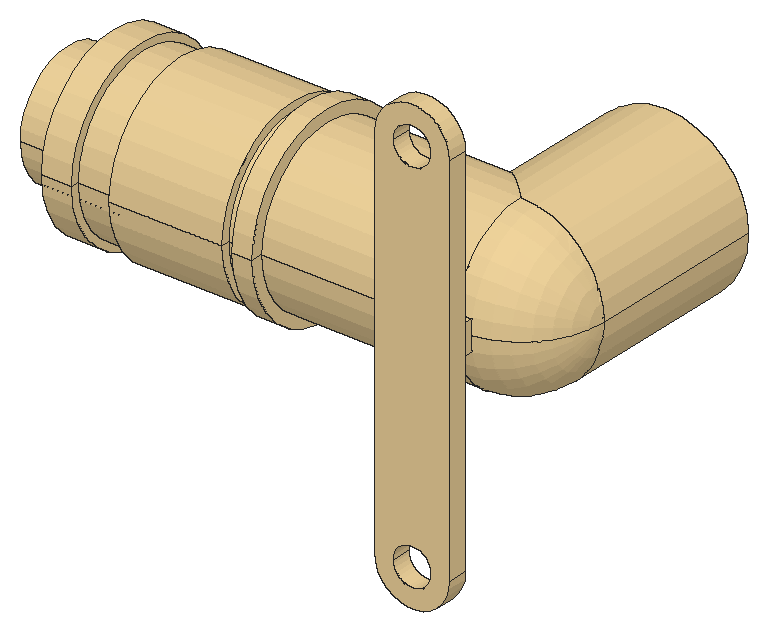
Revit family "ABC-PEX_Фитинг_Водорозетка с удлененной внутренней резьбой", category Соединительные детали трубопроводов, Revit 2019
Family settings
  Размер круглого соединителя = Использовать диаметр
  Тип детали = Отвод
  На основе рабочей плоскости = Нет
  Всегда вертикально = Нет
  При загрузке вырезать с полостями = Нет
  Общий = Да
Parameters
  Таблица выбора = "ABC-PEX_Фитинг_Водорозетка с удлененной внутренней резьбой"  # constant formula
  Материал_Корпус = Латунь
  z1 [instance] = size_lookup(Таблица выбора, "z", 30 mm, DN1, DN2)  # 30 mm
  c [instance] = size_lookup(Таблица выбора, "c", 30 mm, DN1, DN2)  # 60 mm
  b [instance] = size_lookup(Таблица выбора, "b", 30 mm, DN1, DN2)  # 24 mm
  a [instance] = size_lookup(Таблица выбора, "a", 30 mm, DN1, DN2)  # 42 mm
  S [instance] = 40 mm
  DN2 [instance] = 15 mm
  DN1 [instance] = 16 mm
  ADSK_Примечание = ""
  ADSK_Наименование [instance] = size_lookup(Таблица выбора, "ADSK_Наименование", "Нет в каталоге", DN1, DN2)  # "Водорозетка с удлененной внутренней резьбой DN16x1/2\""
  ADSK_Масса [instance] = size_lookup(Таблица выбора, "ADSK_Масса", 0, DN1, DN2)  # 0.078
  ADSK_Марка [instance] = size_lookup(Таблица выбора, "ADSK_Марка", "Нет в каталоге", DN1, DN2)  # "ABC-F-81612"
  ADSK_Завод-изготовитель = "Agpipe"  # constant formula
Reference planes
  plane 1 "По центру (Вперед/Назад)": y = 0
  plane 2: z = 0
  plane 3 "По центру (Влево/Вправо)": x = 0
  plane 4: x = -42
  plane 5: y = 24
  plane 6: x = -30
  plane 7: y = 12
Lines and regions (mm)
  reference lines
    curve 1: line (-30, 0, 0) -> (0, 0, 0)
    curve 2: line (0, 0, 0) -> (0, 24, 0)
  symbolic lines
    curve 3: line (-42, 0, 0) -> (0, 0, 0)
    curve 4: line (0, 0, 0) -> (0, 24, 0)
Dimensions and locks
  "a": plane 4 to plane 3 "По центру (Влево/Вправо)"
  "b": plane 1 "По центру (Вперед/Назад)" to plane 5
  plane 4 to plane 3 "По центру (Влево/Вправо)" = 42 mm
  "z1": plane 6 to plane 3 "По центру (Влево/Вправо)"
  equal spacing: plane 1 "По центру (Вперед/Назад)", plane 7, plane 5
  aligned and locked: level to plane 2
  aligned and locked: plane 6 to curve 1
  aligned and locked: plane 6 to nested 1
  aligned and locked: plane 5 to curve 2
  aligned and locked: nested 2 to plane 1 "По центру (Вперед/Назад)"
  aligned and locked: nested 2 to plane 3 "По центру (Влево/Вправо)"
  aligned and locked: plane 4 to curve 3
  aligned and locked: plane 5 to curve 4
Automatic sketch dimensions
  plane 1 "По центру (Вперед/Назад)" to curve 2 = 0 mm
  curve 2 to plane 3 "По центру (Влево/Вправо)" = 0 mm
  plane 1 "По центру (Вперед/Назад)" to curve 3 = 0 mm
  curve 4 to plane 3 "По центру (Влево/Вправо)" = 0 mm
Nested families
  nested 1: "ABC-PEX_Фитинг_Надвижная гильза" at (-42, 0, 0) x (-1, 0, 0) z (0, 0, 1), DN <- "DN1", type "ABC-PEX_Фитинг_Надвижная гильза", detail levels fine
    with b 24 mm, a 24 mm, DN 16 mm, ADSK_Наименование "Надвижная гильза DN16", ADSK_Масса 0.008, ADSK_Марка "ABC-F-116"
  nested 2: "Колено" at (0, 0, 0) x (0, -1, 0) z (0, 0, 1), type "Колено", detail levels fine
    with с 60 mm, z1 30 mm, b 24 mm, a 42 mm, S 22 mm, DN2 15 mm, DN1 16 mm, ADSK_Наименование "Водорозетка с удлененной внутренней резьбой DN16x1/2\"", ADSK_Масса 0, ADSK_Марка "ABC-F-81612"
Connectors
  piping at (-30, 0, 0), diameter 16, driven by "DN1"
    settings: on curve 1, index 1, connector inside diameter 609.6 mm, connector length 0 mm, flow factor 0, pipe flow 0.0 L/s, pressure drop 0.0 Pa, fitting loss kfactor 0, connector angle 0.00°, fixture units 0, engagement length 0 mm, angle of deflection 0.00°, flow configuration 0, flow direction 0, fitting loss method 0, system type 28, joint type 0, gender type 0, connector reference index 2, connector utility 0, adjustable connector no, is connector primary yes, connector description ""
  piping at (0, 24, 0), diameter 15, driven by "DN2"
    settings: on curve 2, index 2, connector inside diameter 609.6 mm, connector length 0 mm, flow factor 0, pipe flow 0.0 L/s, pressure drop 0.0 Pa, fitting loss kfactor 0, connector angle 0.00°, fixture units 0, engagement length 0 mm, angle of deflection 0.00°, flow configuration 0, flow direction 0, fitting loss method 0, system type 28, joint type 0, gender type 0, connector reference index 1, connector utility 0, adjustable connector no, is connector primary no, connector description ""
Definition of nested family "ABC-PEX_Фитинг_Надвижная гильза"
  Parameters (values of type "ABC-PEX_Фитинг_Надвижная гильза")
    Таблица выбора = "ABC-PEX_Фитинг_Надвижная гильза"  # constant formula
    Маткриал_Корпус = none
    b [instance] = size_lookup(Таблица выбора, "b", 30 mm, DN)  # 24 mm
    a [instance] = size_lookup(Таблица выбора, "a", 30 mm, DN)  # 24 mm
    DN [instance] = 16 mm
    ADSK_Примечание = ""
    ADSK_Наименование [instance] = size_lookup(Таблица выбора, "ADSK_Наименование", "Нет в каталоге", DN)  # "Надвижная гильза DN16"
    ADSK_Масса [instance] = size_lookup(Таблица выбора, "ADSK_Масса", 0, DN)  # 0.008
    ADSK_Марка [instance] = size_lookup(Таблица выбора, "ADSK_Марка", "Нет в каталоге", DN)  # "ABC-F-116"
    ADSK_Завод-изготовитель = "Agpipe"  # constant formula
  Reference planes
    plane 1 "По центру (Вперед/Назад)": y = 0
    plane 2: z = 0
    plane 3 "По центру (Влево/Вправо)": x = 0
    plane 4: y = 12
    plane 5: y = -12
    plane 6: x = -12
    plane 7: x = 12
    plane 8: y = 8
    plane 9: y = -8
  Forms (mm)
    Revolve 1, solid, material <- "Маткриал_Корпус"
      sketch origin (0, 0, 0) x (1, 0, 0) y (0, 1, 0)
        loop
          line (-12, 12) -> (-12, 10) -> (12, 10) -> (12, 12) -> (8, 12) -> (8, 11) -> (3, 11) -> (3, 12) -> (-12, 12)
        axis (-12, 0) -> (12, 0)
      angle from 0 to 360
  Lines and regions (mm)
    reference lines
      curve 1: line (-12, 0, 0) -> (12, 0, 0)
  Dimensions and locks
    equal spacing: plane 4, plane 1 "По центру (Вперед/Назад)", plane 5
    "b": plane 4 to plane 5
    equal spacing: plane 6, plane 3 "По центру (Влево/Вправо)", plane 7
    "a": plane 6 to plane 7
    plane 4 to Revolve 1 sketch curve = 2 mm
    equal spacing: plane 9, plane 1 "По центру (Вперед/Назад)", plane 8
    "DN": plane 9 to plane 8
    Revolve 1 sketch curve to Revolve 1 sketch curve to plane 7 = 5 mm locked, 4 mm locked
    Revolve 1 sketch curve to Revolve 1 sketch curve to plane 4 = 1 mm locked, 1 mm locked
    aligned and locked: level to plane 2
    aligned and locked: plane 1 "По центру (Вперед/Назад)" to Revolve 1 sketch curve
    aligned and locked: plane 4 to Revolve 1 sketch curve
    aligned and locked: Revolve 1 sketch curve to plane 4
    aligned and locked: plane 6 to Revolve 1 sketch curve
    aligned and locked: plane 7 to Revolve 1 sketch curve
    aligned and locked: plane 7 to curve 1
    aligned and locked: plane 6 to curve 1
  Automatic sketch dimensions
    plane 1 "По центру (Вперед/Назад)" to curve 1 = 0 mm
    plane 6 to Revolve 1 sketch curve = 5 mm
    Revolve 1 sketch curve to plane 7 = 4 mm
  Connectors
    piping at (-12, 0, 0), diameter 16, driven by "DN"
      settings: on curve 1, index 1, connector inside diameter 609.6 mm, connector length 0 mm, flow factor 0, pipe flow 0.0 L/s, pressure drop 0.0 Pa, fitting loss kfactor 0, connector angle 0.00°, fixture units 0, engagement length 0 mm, angle of deflection 0.00°, flow configuration 0, flow direction 0, fitting loss method 0, system type 28, joint type 0, gender type 0, connector reference index 2, connector utility 0, adjustable connector no, is connector primary yes, connector description ""
    piping at (12, 0, 0), diameter 16, driven by "DN"
      settings: on curve 1, index 2, connector inside diameter 609.6 mm, connector length 0 mm, flow factor 0, pipe flow 0.0 L/s, pressure drop 0.0 Pa, fitting loss kfactor 0, connector angle 0.00°, fixture units 0, engagement length 0 mm, angle of deflection 0.00°, flow configuration 0, flow direction 0, fitting loss method 0, system type 28, joint type 0, gender type 0, connector reference index 1, connector utility 0, adjustable connector no, is connector primary no, connector description ""
Definition of nested family "Колено"
  Parameters (values of type "Колено")
    с [instance] = size_lookup(Таблица выбора, "c", 30 mm, DN1, DN2)  # 60 mm
    Таблица выбора = "ABC-PEX_Фитинг_Водорозетка с удлененной внутренней резьбой"  # constant formula
    Материал_Корпус = none
    z1 [instance] = size_lookup(Таблица выбора, "z", 30 mm, DN1, DN2)  # 30 mm
    b [instance] = size_lookup(Таблица выбора, "b", 30 mm, DN1, DN2)  # 24 mm
    a [instance] = size_lookup(Таблица выбора, "a", 30 mm, DN1, DN2)  # 42 mm
    S [instance] = DN2 + 7 mm  # 22 mm
    DN2 [instance] = 15 mm
    DN1 [instance] = 16 mm
    ADSK_Примечание = ""
    ADSK_Наименование [instance] = size_lookup(Таблица выбора, "ADSK_Наименование", "Нет в каталоге", DN1, DN2)  # "Водорозетка с удлененной внутренней резьбой DN16x1/2\""
    ADSK_Масса [instance] = 0
    ADSK_Марка [instance] = size_lookup(Таблица выбора, "ADSK_Марка", "Нет в каталоге", DN1, DN2)  # "ABC-F-81612"
    ADSK_Завод-изготовитель = "Agpipe"  # constant formula
  Reference planes
    plane 1 "По центру (Вперед/Назад)": y = 0
    plane 2: z = 0
    plane 3 "По центру (Влево/Вправо)": x = 0
    plane 4: x = -24
    plane 5: y = 30
    plane 6: y = 60
    plane 7: x = -8
    plane 8: x = 8
    plane 9: y = 7.5
    plane 10: y = -7.5
    plane 11: y = 8
    plane 12: y = -8
    plane 13: x = -8
    plane 14: x = 8
    plane 15: x = -11
    plane 16: y = 7.5
    plane 17: y = -7.5
    plane 18: x = 18
  Forms (mm)
    Revolve 1, solid, material <- "Материал_Корпус"
      sketch origin (0, 0, 0) x (1, 0, 0) y (0, 1, 0)
        loop
          line (3, 60) -> (3, 30) -> (0, 30) -> (0, -11)
          arc (0, -11) -> (7.778, -7.778) -> (11, 0) r 11
          line (11, 0) -> (11, 25.644) -> (12.531, 25.644) -> (12.531, 28.302) -> (11, 28.302) -> (11, 30) -> (8, 30) -> (8, 60) -> (3, 60)
        axis (0, 60) -> (0, -11)
      angle from 0 to 360
    Revolve 2, solid, material <- "Материал_Корпус"
      sketch origin (0, 0, 0) x (1, 0, 0) y (0, 1, 0)
        loop
          line (-24, 11) -> (-24, 0) -> (0, 0) -> (0, 11) -> (-24, 11)
        axis (-24, 0) -> (0, 0)
      angle from 0 to 360
    Revolve 3, void
      sketch origin (0, 0, 0) x (1, 0, 0) y (0, 1, 0)
        loop
          line (-24, 6.461) -> (-24, 0) -> (-11, 0) -> (-11, 6.461) -> (-24, 6.461)
        axis (-24, 0) -> (-11, 0)
      angle from 0 to 360
    Extrusion 4, solid, material <- "Материал_Корпус"
      sketch origin (0, 0, 0) x (0, 1, 0) y (0, 0, 1)
        loop
          line (-5, 25) -> (-5, -25)
          arc (-5, -25) -> (0, -30) -> (5, -25) r 5
          line (5, -25) -> (5, 25)
          arc (5, 25) -> (0, 30) -> (-5, 25) r 5
        loop
          circle (0, -25) r 2.5
        loop
          circle (0, 25) r 2.5
      from 15.464 to 18
    Extrusion 5, solid, material <- "Материал_Корпус"
      sketch origin (0, 0, 0) x (1, 0, 0) y (0, 0, 1)
        loop
          line (8, 2) -> (8, -2) -> (15.464, -2) -> (15.464, 2) -> (8, 2)
      from -2 to 2
  Cuts and joins
    Revolve 3 cuts Revolve 2
    joined: Revolve 1, Revolve 2, Extrusion 5
  Dimensions and locks
    "b": plane 4 to plane 3 "По центру (Влево/Вправо)"
    "z1": plane 1 "По центру (Вперед/Назад)" to plane 5
    "с": plane 1 "По центру (Вперед/Назад)" to plane 6
    equal spacing: plane 7, plane 3 "По центру (Влево/Вправо)", plane 8
    "DN1": plane 7 to plane 8
    equal spacing: plane 9, plane 1 "По центру (Вперед/Назад)", plane 10
    "DN2": plane 9 to plane 10
    locked: plane 8 to Revolve 1 sketch curve at 3
    equal spacing: plane 11, plane 1 "По центру (Вперед/Назад)", plane 12
    "DN1": plane 11 to plane 12
    locked: Revolve 1 sketch curve to plane 8 at 5
    equal spacing: plane 13, plane 3 "По центру (Влево/Вправо)", plane 14
    "DN1": plane 13 to plane 14
    locked: plane 15 to plane 13 at 3
    equal spacing: plane 16, plane 1 "По центру (Вперед/Назад)", plane 17
    "DN2": plane 16 to plane 17
    "a": plane 4 to plane 18
    locked: plane 16 to Revolve 3 sketch curve at 1.039
    equal spacing: Extrusion 4 sketch curve, plane 1 "По центру (Вперед/Назад)", Extrusion 4 sketch curve
    Extrusion 5 sketch curve to level to Extrusion 5 sketch curve = 2 mm locked, 2 mm locked
    locked: plane 1 "По центру (Вперед/Назад)" to Extrusion 5 at 2
    locked: Extrusion 5 to plane 1 "По центру (Вперед/Назад)" at 2
    locked: Revolve 2 sketch curve to plane 11 at 3
    aligned and locked: level to plane 2
    aligned and locked: Revolve 1 sketch curve to Revolve 1 sketch curve
    aligned and locked: Revolve 1 sketch curve to plane 8
    aligned and locked: Revolve 1 sketch curve to plane 3 "По центру (Влево/Вправо)"
    aligned and locked: Revolve 2 sketch curve to plane 3 "По центру (Влево/Вправо)"
    aligned and locked: plane 4 to Revolve 2 sketch curve
    aligned and locked: plane 4 to Revolve 3 sketch curve
    aligned and locked: Revolve 3 sketch curve to plane 1 "По центру (Вперед/Назад)"
    aligned and locked: Revolve 3 sketch curve to Revolve 3 sketch curve
    aligned and locked: Revolve 2 sketch curve to plane 1 "По центру (Вперед/Назад)"
    aligned and locked: plane 18 to Extrusion 4
    aligned and locked: Extrusion 4 to Extrusion 5 sketch curve
    aligned and locked: Extrusion 5 sketch curve to plane 14
    aligned and locked: plane 3 "По центру (Влево/Вправо)" to Revolve 1 sketch curve
  Automatic sketch dimensions
    Extrusion 4 sketch curve to Extrusion 4 sketch curve = 0 mm  (x4)
    Extrusion 4 sketch curve to level = 25 mm
    level to Extrusion 4 sketch curve = 25 mm
    plane 1 "По центру (Вперед/Назад)" to Extrusion 4 sketch curve = 5 mm
    Revolve 1 sketch curve to plane 3 "По центру (Влево/Вправо)" = 0 mm
    plane 1 "По центру (Вперед/Назад)" to Revolve 1 sketch curve = 0 mm
    plane 5 to Revolve 1 sketch curve = 0 mm  (x2)
    plane 6 to Revolve 1 sketch curve = 0 mm
    Revolve 1 sketch curve to Revolve 1 sketch curve = 1.531 mm
    Revolve 1 sketch curve to Revolve 1 sketch curve = 4.356 mm
    Revolve 1 sketch curve to Revolve 1 sketch curve = 1.698 mm
    plane 9 to Revolve 1 sketch curve = 6.5 mm
    Revolve 1 sketch curve to Revolve 1 sketch curve = 4 mm
    plane 1 "По центру (Вперед/Назад)" to Revolve 2 sketch curve = 0 mm
    Revolve 2 sketch curve to plane 4 = 0 mm
    Revolve 2 sketch curve to plane 14 = 0 mm
    Revolve 2 sketch curve to plane 4 = 15 mm
    Revolve 3 sketch curve to plane 15 = 0 mm
    Revolve 3 sketch curve to Revolve 3 sketch curve = 6.428 mm
    Revolve 3 sketch curve to Revolve 3 sketch curve = 1.63 mm
    radius of Extrusion 4 sketch curve = 2.5 mm  (x2)
